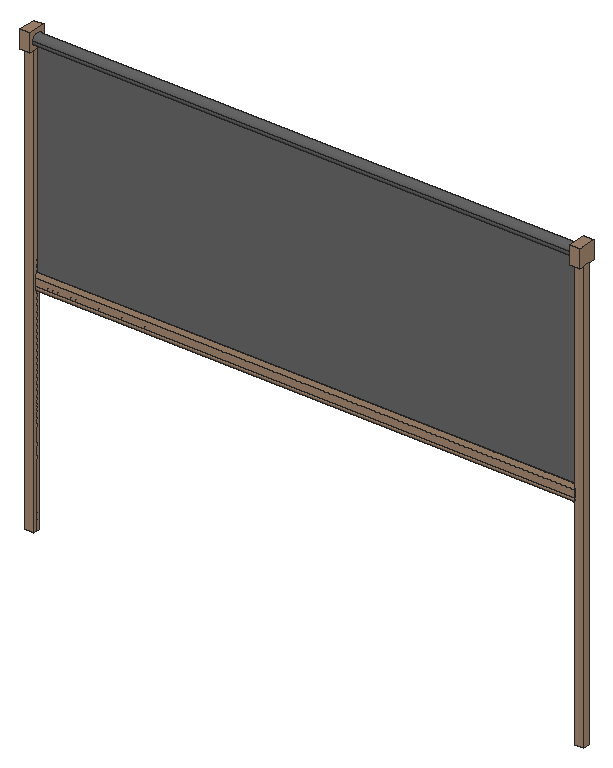
Revit family "Screen_LargeOpening_ExecutiveSeries-Recessed_PhantomScreens-4", category Doors, host Wall, Revit 2024
Family settings
  Host = Wall
  OmniClass Number = 23.30.60.21
  OmniClass Title = Insect Screens
  Always vertical = Yes
  Cut with Voids When Loaded = No
  Shared = No
  Room Calculation Point = No
Parameters (values of type "Type as Specified")
  Visual Light Transmittance = 0
  URL = "http://www.phantomscreens.com/"
  Type Comments = ""
  Track = Dark Acacia
  Thermal Resistance (R) = 0.0000 (h·ft²·°F)/BTU
  Specification = "http://www.phantomscreens.com/architects-designers/specifications-binder/"
  Solar Heat Gain Coefficient = 0
  Slide Bar Height = 0' - 3 11/16"
  Slide Bar = Dark Acacia
  Sizing Notes [instance] = if(or((Width > 25' 0"), (Height > 16' 0")), "Exceeds Maximum Size", "Standard Size")  # "Standard Size"
  Screen = Phifer TuffScreen No-See-Um – Charcoal
  Sales Information = "http://www.phantomscreens.com/support/"
  RollerRad [instance] = Roller Size / 2  # 0' - 1 1/4"
  Roller Size [instance] = if(or((Width > 20' 0"), (Height > 11' 0")), 0' 5", (if(or((Width > 10' 0"), (Height > 8' 0")), 0' 4", 0' 2 1/2")))  # 0' - 2 1/2"
  Revision = "R1_08-2016"
  Recessed Track Width = 0' - 2 7/64"
  Recessed Track = 0' - 1 3/8"
  Product Properties = "http://www.phantomscreens.com/drive/uploads/2015/05/technical_specs_exec.pdf"
  Product Data = "http://www.arcat.com/arcatcos/cos9540/arc40535.html"
  Percent Open [instance] = 50
  Model = "Executive  Series Recessed"
  Manufacturer Website = "http://www.phantomscreens.com/"
  Manufacturer Phone - Toll Free = ""
  Manufacturer Phone = "604-855-3654"
  Manufacturer Fax = "604-855-7834"
  Manufacturer Address = "30451 Simpson Rd.; Abbotsford; BC; Canada V2T 6C7"
  Manufacturer = "Phantom Screens"
  Keynote = "08 11 00"
  Installation-Fabrication = "http://www.phantomscreens.com/architects-designers/options/"
  Housing Size [instance] = if(or((Width > 20' 0"), (Height > 11' 0")), 0' 7 1/8", (if(or((Width > 10' 0"), (Height > 8' 0")), 0' 5 1/2", 0' 4")))  # 0' - 4"
  Heat Transfer Coefficient (U) = 0.1000 BTU/(h·ft²·°F)
  Function = Interior
  Frame Projection Ext. = 0' - 1"
  Frame Projection Int. = 0' - 1"
  Frame Width = 0' - 3"
  Height [instance] = 8' - 0"
  Wall Closure = By host
  Width [instance] = 10' - 0"
  Drawn By = "Sumex Design - Robert S Weygant"
  Description = "Phantom Screens Executive  Series Recessed Screen"
  Copyright = "� 2016 ARCAT Inc."
  Construction Details = "http://www.arcat.com/details/phantoms/95prod3444.html"
  Assembly Code = "B2020400"
  Analytic Construction = "<None>"
  Amount Open [instance] = Height * (Percent Open / 100)  # 4' - 0"
Reference planes (in)
  plane 1 "Center (Front/Back)": y = 0
  plane 2 "Center (Left/Right)": x = 0
  plane 3 "Left": x = -60
  plane 4 "Right": x = 60
  plane 5 "Top": z = 96
  plane 6 "Exterior": y = 4
  plane 7 "Interior": y = -4
  plane 8: x = -62.10938
  plane 9: x = 62.10937
  plane 10: y = 0.51562
  plane 11: y = -0.51562
  plane 12: z = 51.6875
  plane 13: z = 48
  plane 14: y = 0.6875
  plane 15: y = -0.6875
  plane 16: z = 100
  plane 17: y = 0.26562
  plane 18: y = -0.25
  plane 19: y = 2
  plane 20: y = -2
  plane 21: y = 0.04687
  plane 22: y = -0.04687
  plane 23: z = 98
Forms (in)
  Extrusion 1, void
    sketch origin (0, 0, 0) x (1, 0, 0) y (0, 1, 0)
      loop
        line (60, 0.6875) -> (60, -0.6875) -> (62.10937, -0.6875) -> (62.10937, 0.6875) -> (60, 0.6875)
    from 0 to 96
  Extrusion 2, void
    sketch origin (0, 0, 0) x (1, 0, 0) y (0, 1, 0)
      loop
        line (-62.10938, 0.6875) -> (-62.10938, -0.6875) -> (-60, -0.6875) -> (-60, 0.6875) -> (-62.10938, 0.6875)
    from 0 to 96
  Extrusion 3, void
    sketch origin (0, 0, 0) x (0, 1, 0) y (0, 0, 1)
      loop
        line (2, 100) -> (-2, 100) -> (-2, 96) -> (2, 96) -> (2, 100)
    from -62.10937 to 62.10937
  Extrusion 4, solid, material "Dark Acacia" <- "Track"
    sketch origin (0, 0, 0) x (1, 0, 0) y (0, 1, 0)
      loop
        line (-62.10938, 0.6875) -> (-62.10938, -0.6875) -> (-60, -0.6875) -> (-60, -0.04687) -> (-60.25, -0.04687) -> (-60.25, 0.04687) -> (-60, 0.04687) -> (-60, 0.6875) -> (-62.10938, 0.6875)
    from 0 to 96
  Extrusion 5, solid, material "Dark Acacia" <- "Track"
    sketch origin (0, 0, 0) x (1, 0, 0) y (0, 1, 0)
      loop
        line (60, 0.6875) -> (60, 0.04687) -> (60.25, 0.04687) -> (60.25, -0.04687) -> (60, -0.04687) -> (60, -0.6875) -> (62.10937, -0.6875) -> (62.10937, 0.6875) -> (60, 0.6875)
    from 0 to 96
  Extrusion 6, solid, material "Dark Acacia" <- "Track"
    sketch origin (0, 0, 0) x (1, 0, 0) y (0, 1, 0)
      loop
        line (-62.10938, 2) -> (-62.10938, -2) -> (-60, -2) -> (-60, 2) -> (-62.10938, 2)
    from 96 to 100
  Extrusion 7, solid, material "Dark Acacia" <- "Track"
    sketch origin (0, 0, 0) x (1, 0, 0) y (0, 1, 0)
      loop
        line (60, 2) -> (60, -2) -> (62.10937, -2) -> (62.10937, 2) -> (60, 2)
    from 96 to 100
  Extrusion 8, solid, material "Phifer TuffScreen No-See-Um – Charcoal" <- "Screen"
    sketch origin (0, 0, 0) x (0, 1, 0) y (0, 0, 1)
      loop
        circle (0, 98) r 1.25
    from -60 to 60
  Extrusion 9, solid, material "Phifer TuffScreen No-See-Um – Charcoal" <- "Screen"
    sketch origin (0, 0, 0) x (0, 1, 0) y (0, 0, 1)
      loop
        line (0.04687, 98) -> (-0.04688, 98) -> (-0.04688, 51.6875) -> (0.04687, 51.6875) -> (0.04687, 98)
    from -60 to 60
  Extrusion 10, void
    sketch origin (0, 0, 0) x (1, 0, 0) y (0, 0, 1)
      loop
        line (-60, 0) -> (60, 0) -> (60, 96) -> (-60, 96) -> (-60, 0)
    from -4 to 4
  Extrusion 11, solid, material "Dark Acacia" <- "Slide Bar"
    sketch origin (0, 0, 0) x (0, 1, 0) y (0, 0, 1)
      loop
        line (0.51562, 50.6372) -> (0.26563, 51.6875) -> (-0.25, 51.6875) -> (-0.51562, 50.6372) -> (-0.51562, 48.99605) -> (-0.25086, 48.99605)
        arc (-0.25086, 48.99605) -> (0, 48.01748) -> (0.25086, 48.99605) r 0.52144
        line (0.25086, 48.99605) -> (0.51562, 48.99605) -> (0.51562, 50.6372)
    from -60 to 60
Cuts and joins
  Extrusion 10 cuts Extrusion 4
  Extrusion 10 cuts Extrusion 5
Lines and regions (in)
  symbolic lines, style "Elevation Swing"
    curve 1: line (-60, 0, 96) -> (0, 0, 0)
    curve 2: line (0, 0, 0) -> (60, 0, 96)
Text (in)
  text "Exterior" at (-74.96733, 27.31104, 0), in view "Ref. Level"
  text "Interior" at (-74.96733, -25.14366, 0), in view "Ref. Level"
  text "Exterior" at (0, 40.15149, 123.01588), in view "Right"
  text "Interior" at (0, -64.39139, 123.01588), in view "Right"
  text "Interior" at (0, -31.01599, 123.00693), in view "Left"
  text "Exterior" at (0, 54.57065, 123.00693), in view "Left"
Dimensions and locks (in)
  equal spacing: plane 3 "Left", plane 2 "Center (Left/Right)", plane 4 "Right"
  "Height": level to plane 5 "Top"
  "Width": plane 3 "Left" to plane 4 "Right"
  host wall to plane 5 "Top" = 8' - 0"
  "Slide Bar Height": plane 13 to plane 12
  equal spacing: plane 15, host wall, plane 14
  "Recessed Track": plane 15 to plane 14
  "Housing Size": plane 5 "Top" to plane 16
  "Recessed Track Width": plane 8 to plane 3 "Left"
  "Recessed Track Width": plane 4 "Right" to plane 9
  equal spacing: plane 19, plane 1 "Center (Front/Back)", plane 20
  "Housing Size": plane 19 to plane 20
  locked: plane 4 "Right" to Extrusion 5 sketch curve at 0.25
  locked: Extrusion 4 sketch curve to plane 3 "Left" at 0.25
  equal spacing: plane 16, plane 23, plane 5 "Top"
  locked: plane 12 to Extrusion 11 sketch curve at 2.69145  (x2)
  locked: plane 12 to Extrusion 11 sketch curve at 3.14859
  "Amount Open": level to plane 13
  "RollerRad": radius of Extrusion 8 sketch curve
  aligned and locked: plane 6 "Exterior" to host wall
  aligned and locked: plane 7 "Interior" to host wall
  aligned and locked: Extrusion 1 sketch curve to plane 14
  aligned and locked: Extrusion 1 sketch curve to plane 4 "Right"
  aligned and locked: Extrusion 1 sketch curve to plane 15
  aligned and locked: Extrusion 1 sketch curve to plane 9
  aligned and locked: Extrusion 1 to plane 5 "Top"
  aligned and locked: Extrusion 2 sketch curve to plane 14
  aligned and locked: Extrusion 2 sketch curve to plane 8
  aligned and locked: Extrusion 2 sketch curve to plane 15
  aligned and locked: plane 3 "Left" to Extrusion 2 sketch curve
  aligned and locked: Extrusion 2 to plane 5 "Top"
  aligned and locked: plane 16 to Extrusion 3 sketch curve
  aligned and locked: plane 19 to Extrusion 3 sketch curve
  aligned and locked: plane 5 "Top" to Extrusion 3 sketch curve
  aligned and locked: plane 20 to Extrusion 3 sketch curve
  aligned and locked: plane 9 to Extrusion 3
  aligned and locked: plane 8 to Extrusion 3
  aligned and locked: plane 5 "Top" to Extrusion 3
  aligned and locked: plane 16 to Extrusion 3  (x2)
  aligned and locked: Extrusion 4 sketch curve to Extrusion 2  (x4)
  aligned and locked: Extrusion 5 sketch curve to Extrusion 1  (x4)
  aligned and locked: Extrusion 6 sketch curve to Extrusion 3  (x3)
  aligned and locked: plane 3 "Left" to Extrusion 6 sketch curve
  aligned and locked: Extrusion 7 sketch curve to Extrusion 3  (x3)
  aligned and locked: Extrusion 7 sketch curve to plane 4 "Right"
  aligned and locked: plane 16 to Extrusion 7
  aligned and locked: plane 5 "Top" to Extrusion 7
  aligned and locked: plane 16 to Extrusion 6
  aligned and locked: plane 5 "Top" to Extrusion 6
  aligned and locked: plane 23 to Extrusion 9 sketch curve
  aligned and locked: Extrusion 9 sketch curve to plane 21
  aligned and locked: Extrusion 9 sketch curve to plane 12
  aligned and locked: Extrusion 9 sketch curve to plane 22
  aligned and locked: Extrusion 9 to plane 4 "Right"
  aligned and locked: plane 3 "Left" to Extrusion 9
  aligned and locked: plane 4 "Right" to Extrusion 1
  aligned and locked: Extrusion 4 to plane 3 "Left"  (x2)
  aligned and locked: Extrusion 1 to plane 4 "Right"
  aligned and locked: Extrusion 2 to plane 3 "Left"
  aligned and locked: Extrusion 9 to plane 3 "Left"
  aligned and locked: plane 4 "Right" to Extrusion 5
  aligned and locked: plane 4 "Right" to Extrusion 9
  aligned and locked: Extrusion 10 sketch curve to plane 4 "Right"
  aligned and locked: Extrusion 10 sketch curve to plane 5 "Top"
  aligned and locked: plane 3 "Left" to Extrusion 10 sketch curve
  aligned and locked: Extrusion 10 sketch curve to level
  aligned and locked: plane 23 to Extrusion 8 sketch curve
  aligned and locked: host wall to Extrusion 8 sketch curve
  aligned and locked: Extrusion 8 to plane 4 "Right"
  aligned and locked: plane 3 "Left" to Extrusion 8
  aligned and locked: Extrusion 4 to plane 5 "Top"
  aligned and locked: Extrusion 5 to plane 5 "Top"
  aligned and locked: plane 21 to Extrusion 5 sketch curve
  aligned and locked: plane 22 to Extrusion 5 sketch curve
  aligned and locked: Extrusion 4 sketch curve to plane 21
  aligned and locked: Extrusion 4 sketch curve to plane 22
  aligned and locked: plane 3 "Left" to Extrusion 4 sketch curve
  aligned and locked: plane 12 to Extrusion 11 sketch curve
  aligned and locked: Extrusion 11 sketch curve to plane 11
  aligned and locked: Extrusion 11 sketch curve to plane 10
  aligned and locked: host wall to Extrusion 10  (x2)
  aligned and locked: plane 3 "Left" to Extrusion 11
  aligned and locked: Extrusion 11 to plane 4 "Right"
Automatic sketch dimensions
  Extrusion 5 sketch curve to plane 4 "Right" = 0' - 0"
  Extrusion 11 sketch curve to plane 18 = 0' - 0"
  Extrusion 11 sketch curve to host wall = 0' - 0"
  Extrusion 11 sketch curve to plane 17 = 0' - 0"
  Extrusion 11 sketch curve to plane 18 = 0' - 0.00086"
  Extrusion 11 sketch curve to Extrusion 11 sketch curve = 0' - 0"
  Extrusion 11 sketch curve to plane 12 = 0' - 1.0503"
  curve 2 to plane 5 "Top" = 0' - 0"
  curve 1 to plane 5 "Top" = 0' - 0"
  plane 3 "Left" to curve 1 = 0' - 0"
  curve 2 to level = 0' - 0"
  curve 2 to plane 2 "Center (Left/Right)" = 0' - 0"
  plane 4 "Right" to curve 2 = 0' - 0"
